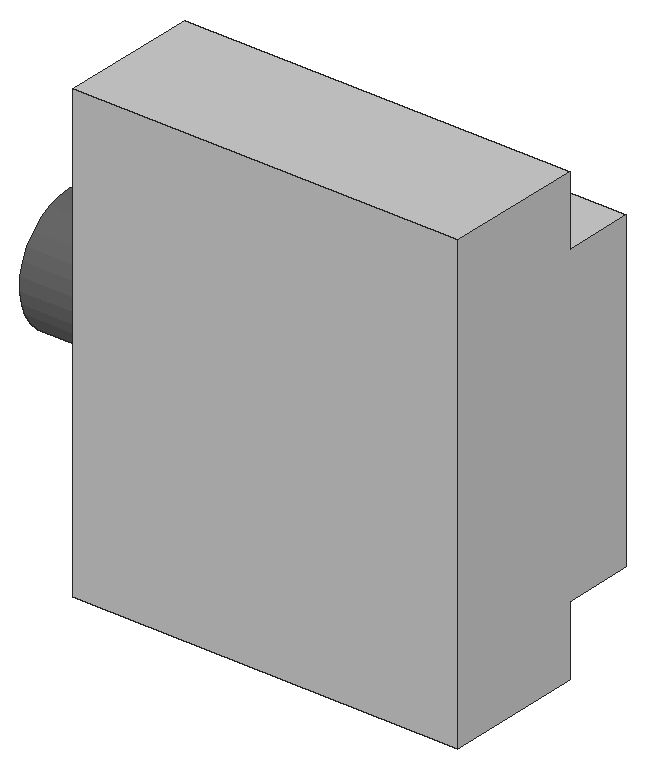
Revit family "Isolator_Three Phase_Vertically Mounted", category Electrical Fixtures, Revit 2014
Parameters (values of type "#A")
  Yes = 1 = 1  # yes
  Symbol_Offset_Maximum [instance] = 2500 mm  # constant formula
  Symbol_Offset_From Wall [instance] = 0 mm
  Symbol_Offset_Calculated [instance] = Symbol_Offset_Maximum - Symbol_Offset_Along Wall  # 2500 mm
  Symbol_Offset_Along Wall [instance] = 0 mm
  Rating Visibility = if(Electrical_Current_Rated_Full Load = 0 A, No, Yes)  # no
  Number of phases label = 3  # constant formula
  No = 1 = 0  # no
  Material = Isolator Body
  Load Classification = Power
  Identity_Reference [instance] = ""
  Identity_Level [instance] = ""
  General_Weatherproof = no
  General_Associated Equipment [instance] = ""
  Electrical_Voltage = 400 V
  Electrical_Power_Apparent = 0 VA
  Electrical_Power Factor = 1
  Electrical_Number of Poles = 3
  Electrical_Current_Rated_Full Load = 0 A
  Dimensions_Height_Offset_Insertion [instance] = if(General_Mounting_Method_Top, 0 mm, if(General_Mounting_Method_Middle, Dimensions_Height / 2, if(General_Mounting_Method_Bottom, Dimensions_Height, 0 mm)))  # 65 mm
  Identity_NRM1_Description = "Power Installation"
  Identity_NRM1_Code = "5.8.2.1"
  Identity_Copyright = "Arup"  # constant formula
  Identity_Category = "PO"
  General_Mounting_Surface = yes
  General_Mounting_Method_Top [instance] = no
  General_Mounting_Method_Middle [instance] = yes
  General_Mounting_Method_Bottom [instance] = no
  General_Mounting_Method [instance] = if(General_Mounting_Method_Top, "Top", if(General_Mounting_Method_Middle, "Middle", if(General_Mounting_Method_Bottom, "Bottom", "Top")))  # "Middle"
  Dimensions_Width = 110 mm
  Dimensions_Height_Mounting [instance] = 1050 mm
  Dimensions_Height = 130 mm
  Dimensions_Depth = 60 mm
  Description = "Isolator - Three Phase"
  COBie.Type.NominalWidth [instance] = 60 mm
  COBie.Type.NominalLength [instance] = 110 mm
  COBie.Type.NominalHeight [instance] = 130 mm
  COBie.Type.Category = "L74611 : Power Supply Control Devices - Switches"
Types (2, lengths in mm): name | General_Weatherproof | Description
  #A Weatherproof | yes | "Isolator - Three Phase Weatherproof"
  #A | no | "Isolator - Three Phase"
Reference planes
  plane 1 "Center (Front/Back)": y = 0
  plane 2: z = 0
  plane 3 "Center (Left/Right)": x = 0
  plane 4 "Symbol Offset Along Wall": x = 0
  plane 5: x = 2500
  plane 6 "Symbol Offset From Wall": y = 0
  plane 7: z = 1115
  plane 8: z = 1050
Dimensions and locks
  "Symbol_Offset_Maximum": plane 3 "Center (Left/Right)" to plane 5
  "Symbol_Offset_Calculated": plane 4 "Symbol Offset Along Wall" to plane 5
  "Symbol_Offset_From Wall": plane 6 "Symbol Offset From Wall" to plane 1 "Center (Front/Back)"
  "Dimensions_Height_Mounting": plane 8 to level
  "Dimensions_Height_Offset_Insertion": plane 7 to plane 8
  "COBie.Type.NominalWidth": nested 1 to nested 1
  "COBie.Type.NominalLength": nested 1 to nested 1
  "COBie.Type.NominalHeight": nested 1 to nested 1
  aligned and locked: level to plane 2
  aligned and locked: plane 7 to nested 1
  aligned and locked: plane 4 "Symbol Offset Along Wall" to nested 2
  aligned and locked: nested 2 to plane 6 "Symbol Offset From Wall"
Nested families
  nested 1: "Isolator Geometry" at (0, 0, 1050) x (-1, 0, 0) z (0, 1, 0), type "Isolator Geometry", detail levels fine
    with Length 110 mm, Height 130 mm
  nested 2: "Isolator_Symbol" at (0, 0, 0), type "Isolator_Symbol", detail levels coarse+medium
    with Weatherproof no, Rating Visibility no, Phases 3
Connectors
  electrical at (0, 0, 1050), driven by "Electrical_Power_Apparent", driven by "Load Classification", driven by "Electrical_Voltage", driven by "Electrical_Power Factor", driven by "Electrical_Number of Poles"
    settings: on nested 1, index 1, voltage 400 V, apparent load 0 VA, apparent load phase1 0 VA, apparent load phase2 0 VA, apparent load phase3 0 VA, power factor 1, load classification "Power", number of poles 3, system type 30, power factor state 1, is connector primary yes, connector utility no, sub classification motor no, connector description "Power"
Definition of nested family "Isolator Geometry"
  Parameters (values of type "Isolator Geometry")
    Material = Isolator Body
    Length = 168 mm
    Height = 129 mm
    Depth = 60 mm
  Reference planes
    plane 1 "Center (Front/Back)": y = 0
    plane 2: z = 0
    plane 3 "Center (Left/Right)": x = 0
    plane 4: x = -84
    plane 5: x = 84
    plane 6: x = 109
    plane 7: y = 64.5
    plane 8: y = -64.5
    plane 9: z = 60
    plane 10: z = 40
    plane 11: z = 30
  Forms (mm)
    Extrusion 1, solid, material "Isolator Body" <- "Material", detail levels fine
      sketch origin (0, 65, 0) x (0, 1, 0) y (0, 0, 1)
        loop
          line (-0.5, 0) -> (-0.5, 40) -> (-20.5, 40) -> (-20.5, 60) -> (-109.5, 60) -> (-109.5, 40) -> (-129.5, 40) -> (-129.5, 0) -> (-0.5, 0)
      from -84 to 84
    Extrusion 2, solid, material "Isolator Switch", detail levels fine
      sketch origin (0, 65, 0) x (0, 1, 0) y (0, 0, 1)
        loop
          line (-50.985, 40.48) -> (-27.877, 63.588) -> (-31.412, 67.123) -> (-54.52, 44.015)
          arc (-54.52, 44.015) -> (-77.374, 17.626) -> (-50.985, 40.48) r 17.5
      from 84 to 109
  Dimensions and locks
    equal spacing: plane 4, plane 3 "Center (Left/Right)", plane 5
    "Length": plane 4 to plane 5
    locked: plane 5 to plane 6 at 25
    equal spacing: plane 7, plane 1 "Center (Front/Back)", plane 8
    "Height": plane 7 to plane 8
    "Depth": plane 9 to plane 2
    locked: plane 9 to plane 10 at 20
    equal spacing: plane 9, plane 11, plane 2
    aligned and locked: level to plane 2
    aligned and locked: plane 7 to Extrusion 1
    aligned and locked: Extrusion 1 to plane 8
    aligned and locked: Extrusion 1 to plane 4
    aligned and locked: plane 5 to Extrusion 1
    aligned and locked: plane 6 to Extrusion 2
    aligned and locked: plane 11 to Extrusion 2 sketch curve
    aligned and locked: plane 9 to Extrusion 1
    aligned and locked: plane 10 to Extrusion 1  (x2)
    aligned and locked: Extrusion 2 to plane 5
  Automatic sketch dimensions
    Extrusion 1 sketch curve to level = 0 mm
    plane 1 "Center (Front/Back)" to Extrusion 1 sketch curve = 64.5 mm
    level to Extrusion 1 sketch curve = 40 mm  (x2)
    Extrusion 1 sketch curve to Extrusion 1 sketch curve = 20 mm  (x3)
    Extrusion 1 sketch curve to plane 1 "Center (Front/Back)" = 44.5 mm
    Extrusion 2 sketch curve to plane 1 "Center (Front/Back)" = 10.48 mm
    Extrusion 2 sketch curve to plane 1 "Center (Front/Back)" = 14.015 mm
    Extrusion 2 sketch curve to plane 1 "Center (Front/Back)" = 0 mm
    Extrusion 2 sketch curve to Extrusion 2 sketch curve = 23.108 mm
    Extrusion 2 sketch curve to Extrusion 2 sketch curve = 3.536 mm  (x2)
Definition of nested family "Isolator_Symbol"
  Parameters (values of type "Standard")
    Weatherproof = yes
    Rating Visibility = yes
    Rating Label = 0 A
    Phases = 1
    Equipment Served Label = ""
  Reference planes
    plane 1: y = 0
    plane 2: x = 0
  Lines and regions (mm)
    Filled region 1, type "Filled region white"
      outline origin (0, 0, 0) x (1, 0, 0) y (0, 1, 0)
        loop
          line (-3.125, 0) -> (3.125, 0) -> (3.125, 3.125) -> (-3.125, 3.125) -> (-3.125, 0)
    Filled region 2, type "Filled region white"
      outline origin (0, 6.25, 0) x (0, -1, 0) y (1, 0, 0)
        loop
          line (0, -3.125) -> (3.125, -3.125) -> (3.125, 3.125) -> (0, 3.125) -> (0, -3.125)
    detail lines, style "Power Socket Main"
      curve 1: line (-3.125, 3.125, 0) -> (-4.625, 3.125, 0)
      curve 2: line (-4.625, 3.125, 0) -> (-4.625, 5.125, 0)
  Text (mm)
    label "Rating" at (-0.01, 4.563, 0), shows "Rating Label", visible <- "Rating Visibility"
    text "WP" at (-1.946, 12.747, 0), visible <- "Weatherproof"
    label "FCU" at (-0.01, 8.364, 0), shows "Equipment Served Label"
    label "PhasesPH" at (-0.01, 1.438, 0), shows "Phases"
